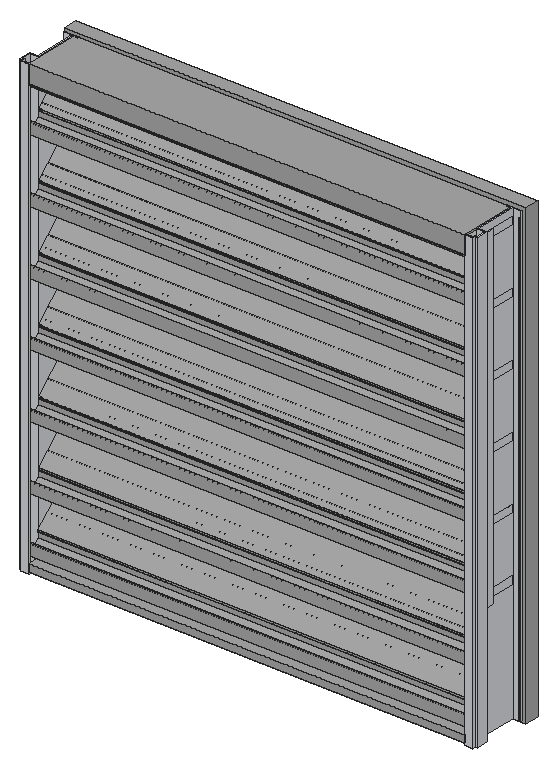
Revit family
Parameters
  Weight = "8 lb/sq.ft."  # constant formula
  Warranty = "All materials and workmanship are warranted for a period of 1 year from date of completion."  # constant formula
  URL = "http://www.industriallouvers.com"
  Surface Finish = "Aluminum, Anodized, or Kynar finish"  # constant formula
  Support Material = Aluminum
  Subcategory = "Adjustable and Combo"  # constant formula
  Static Pressure Loss = ".15\" of water gage @ an air flow of 1039.2 FPM free area velocity"
  Specifications  URL = "http://www.industriallouvers.com/downloads/Adjustable%20&%20Combo/667-71_SD.doc"
  Screen Width [instance] = Louver Width - 0' 0 1/2"  # 3' - 11 1/2"
  Screen Material = Screen Material
  Screen Height [instance] = Louver Height - 0' 0 1/2"  # 3' - 11 1/2"
  SMARTBIM URL = "http://www.SMARTBIM.com"
  SMARTBIM Object Version = 3  # constant formula
  SMARTBIM Object Created By = "SMARTBIM, LLC"  # constant formula
  SMARTBIM Contact = "mailto:SMARTBIM@SMARTBIM.com"
  Product Submittal URL = "http://www.industriallouvers.com/downloads/Adjustable%20&%20Combo/667-71_PS.pdf"
  Product Page URL = "http://www.industriallouvers.com/lv_ac.php"
  Number of Blades [instance] = (Louver Height - 0' 8 5/8") / 0' 6"  # 7
  Model = "667/71"  # constant formula
  Minimum Height = 2' - 0"  # constant formula
  Maximum Water Penetration = ".01 oz at an air flow of >1250 FPM"  # constant formula
  Maximum Size - Single Section [instance] = "Not to exceed 60\" x 120\" or 300 lbs"
  Material = "Aluminum"  # constant formula
  Manufacturer Toll Free Phone = "1-800-328-3421"  # constant formula
  Manufacturer Phone = "763-972-2981"  # constant formula
  Manufacturer Fax = "763-972-2911"  # constant formula
  Manufacturer Email = "mailto:ilinfo@industriallouvers.com"
  Manufacturer Address = "511 S. 7th Street, Delano, MN 55328"  # constant formula
  Manufacturer = "Industrial Louvers, Inc."  # constant formula
  Maintenance = "http://www.industriallouvers.com/prod-forms/Maintenance%20Instructions.pdf"
  Louver Width [instance] = 4' - 0"
  Louver Height [instance] = 4' - 0"
  Installation URL = "http://www.industriallouvers.com/downloads/Adjustable%20&%20Combo/667-71_II.pdf"
  Height [instance] = if(Louver Height < 1' 6", 1' 6", Louver Height + 0' 0 1/8")  # 4' - 0 1/8"
  Free Area for 48”x48” Louver = "44.6%"  # constant formula
  Free Area (ft²) for 48" x 48" Louver = "7.14"  # constant formula
  Frame Material = Aluminum
  Fill Material = Product Filling
  Description = "Adjustable and Combo"  # constant formula
  Depth = 0' - 6"  # constant formula
  Default Elevation = 4' - 0"
  Cost Info = "Contact Factory"  # constant formula
  CAD Drawings = "http://www.industriallouvers.com/downloads/Adjustable%20&%20Combo/667-71_ACD.dwg"
  Blade Width [instance] = Louver Width - 0' 1 3/32" * 2 - 0' 0 1/8"  # 3' - 9 11/16"
  Blade Start Height [instance] = 0' 1" + (((Louver Height - Blade Region Height) / 2) / 2) - 0' 0 5/64"  # 0' - 5 27/64"
  Blade Region Height [instance] = (Blade Count) * 0' 6" - 0' 6"  # 2' - 6"
  Blade Material = Aluminum
  Blade Count [instance] = if(((Louver Height - 0' 5 1/2") / 0' 5") < 2, 2, ((Louver Height - 0' 8 5/8") / 0' 6")) - 1  # 6
  Assembly Code = "B2010300"
  95 CSI = "10200"  # constant formula
  04 CSI = "08 91 00"  # constant formula
Reference planes (in)
  plane 1 "Center (Front/Back)": y = -1
  plane 2: z = 0
  plane 3 "Center (Left/Right)": x = 0
  plane 4: x = -24.2
  plane 5 "Back of Blade": y = 2
  plane 6: z = 7.7968
  plane 7: z = 47.55027
  plane 8: z = 48.47554
  plane 9 "Back of Screen": y = 2.345
  plane 10: y = 2.47
  plane 11: y = 3.845
  plane 12 "Front of Louver": y = -2
  plane 13: z = 24.30027
  plane 14: x = -22.906
  plane 15: y = -4
  plane 16: z = 24.30027
  plane 17: z = 0.25
  plane 18: z = 45.01902
  plane 19: z = 47.55027
  plane 20: x = -24
  plane 21: z = 0.30027
  plane 22: z = 48.30027
  plane 23: x = 24.2
  plane 24: x = 22.906
  plane 25: x = 24
Forms (in)
  Extrusion 1, solid, material "Aluminum" <- "Blade Material"
    sketch origin (0, -24.00003, 0.33429) x (0, 1, 0) y (0, 0, 1)
      loop
        line (20.00003, 47.96598) -> (20.00003, 46.03593)
        arc (20.00003, 46.03593) -> (20.01409, 45.97253) -> (20.05361, 45.92102) r 0.15
        line (20.05361, 45.92102) -> (20.38305, 45.64459) -> (20.4634, 45.74034) -> (20.14718, 46.00568)
        arc (20.14718, 46.00568) -> (20.13084, 46.02698) -> (20.12503, 46.05318) r 0.062
        line (20.12503, 46.05318) -> (20.12503, 47.84098) -> (25.87503, 47.84098) -> (25.87503, 45.15298) -> (26.00003, 45.15298) -> (26.00003, 47.96598) -> (20.00003, 47.96598)
      loop
        line (25.95303, 0.09098) -> (25.57803, 0.09098) -> (25.57803, -0.03402) -> (26.07803, -0.03402) -> (26.07803, 1.96598) -> (26.00003, 1.96598) -> (26.00003, 0.96598) -> (24.29403, 0.96598) -> (24.29403, 6.03943) -> (25.01503, 6.76043) -> (25.01503, 7.38543) -> (25.12676, 7.49716)
        arc (25.12676, 7.49716) -> (25.20129, 7.72653) -> (25.42235, 7.82296) r 0.294
        line (25.42235, 7.82296) -> (25.91903, 7.86641) -> (25.91903, 7.94772) -> (25.41903, 7.90398)
        arc (25.41903, 7.90398) -> (25.14872, 7.7889) -> (25.04432, 7.51429) r 0.375
        line (25.04432, 7.51429) -> (24.54543, 7.076) -> (24.66815, 7.076) -> (24.84006, 7.22703) -> (24.84006, 6.81766) -> (21.18606, 3.60755) -> (21.18606, 3.45543) -> (21.29306, 3.33363) -> (21.29306, 2.78482) -> (20.20506, 1.82898) -> (20.20506, 2.70445) -> (20.31106, 2.59845) -> (20.31106, 2.71301) -> (20.12406, 2.90001) -> (20.12406, 1.65001) -> (21.37406, 2.74816) -> (21.37406, 3.36416) -> (21.26706, 3.48595) -> (21.26706, 3.57089) -> (22.51251, 4.66504) -> (22.59501, 4.57113) -> (22.65586, 4.62459) -> (22.57336, 4.7185) -> (24.92106, 6.78101) -> (24.02503, 5.88498) -> (24.21303, 5.88498) -> (24.21303, 0.96598) -> (20.00003, 0.96598) -> (20.00003, 0.21598) -> (20.25003, 0.21598) -> (20.25003, -0.03402) -> (20.75003, -0.03402) -> (20.75003, 0.02798) -> (20.37503, 0.02798) -> (20.37503, 0.34098) -> (20.12503, 0.34098) -> (20.12503, 0.84098) -> (25.95303, 0.84098) -> (25.95303, 0.09098)
    from -22.906 to 22.906
  Sweep 2, solid, material "Aluminum" <- "Support Material"
    path origin (0, -1, 0) x (1, 0, 0) y (0, 0, 1)
      loop
        line (-24.2, 48.47554) -> (-24.2, 0) -> (24.2, 0) -> (24.2, 48.47554) -> (-24.2, 48.47554)
    profile origin (0, -1, 48.47554) x (0, 0, 1) y (0, -1, 0)
      loop
        line (-1.5, -3.345) -> (-1.5, -3.47) -> (-0.125, -3.47) -> (-0.125, -4.845) -> (0, -4.845) -> (0, -3.345) -> (-1.5, -3.345)
  Extrusion 3, solid
    sketch origin (10, -22.75594, 29.61826) x (-1, 0, 0) y (0, -1, 0)
      loop
        line (34, -24.75594) -> (34, -24.67794) -> (33.125, -24.67794) -> (33.125, -20.25594) -> (34, -20.25594) -> (34, -19.00594) -> (33.75, -19.00594) -> (33.75, -18.75594) -> (32.906, -18.75594) -> (32.906, -18.88094) -> (33.625, -18.88094) -> (33.625, -19.13094) -> (33.875, -19.13094) -> (33.875, -20.13094) -> (33, -20.13094) -> (33, -24.67794) -> (32.5, -24.67794) -> (32.5, -24.75594) -> (34, -24.75594)
      loop
        line (-14, -24.75594) -> (-12.5, -24.75594) -> (-12.5, -24.67794) -> (-13, -24.67794) -> (-13, -20.13094) -> (-13.875, -20.13094) -> (-13.875, -19.13094) -> (-13.625, -19.13094) -> (-13.625, -18.88094) -> (-12.906, -18.88094) -> (-12.906, -18.75594) -> (-13.75, -18.75594) -> (-13.75, -19.00594) -> (-14, -19.00594) -> (-14, -20.25594) -> (-13.125, -20.25594) -> (-13.125, -24.67794) -> (-14, -24.67794) -> (-14, -24.75594)
    from -29.31799 to 18.68201
  Extrusion 4, solid
    sketch origin (23.16004, -1.50006, 48.90507) x (0, 0, -1) y (0, 1, 0)
      loop
        line (1.3548, 0.70156) -> (1.3548, 0) -> (36.60828, 0) -> (36.60828, 0.70156) -> (1.3548, 0.70156)
    from 0 to 0.125
Dimensions and locks (in)
  locked: plane 6 to level at 7.7968
  locked: plane 11 to plane 9 "Back of Screen" at 1.5
  locked: plane 10 to plane 9 "Back of Screen" at 0.125
  locked: plane 9 "Back of Screen" to plane 5 "Back of Blade" at 0.345
  equal spacing: plane 5 "Back of Blade", plane 1 "Center (Front/Back)", plane 15
  plane 5 "Back of Blade" to plane 15 = 0' - 6"
  plane 4 to plane 14 = 0' - 1.294"
  locked: plane 17 to level at 0.25
  locked: plane 7 to plane 18 at 2.53125
  equal spacing: group 1, group 3, group 4, group 5, group 6, group 2  (x3)
  nested 4 to plane 6 = 0' - 6.76053"
  locked: plane 8 to plane 19 at 0.92527
  locked: plane 4 to plane 20 at 0.2
  locked: plane 22 to plane 8 at 0.17527
  plane 21 to plane 6 = 0' - 7.49653"
  "Louver Height": plane 21 to plane 22
  equal spacing: plane 21, plane 16, plane 22
  plane 23 to plane 24 = 0' - 1.294"
  locked: plane 23 to plane 25 at 0.2
  equal spacing: plane 20, plane 3 "Center (Left/Right)", plane 25
  "Louver Width": plane 20 to plane 25
  Extrusion 3 sketch curve to Extrusion 3 sketch curve to Extrusion 3 sketch curve to Extrusion 3 sketch curve to Extrusion 3 sketch curve to Extrusion 3 sketch curve to plane 25 = 0' - 0 1/2" locked, 0' - 0 1/8" locked, 0' - 0 1/2" locked, 0' - 0 1/8" locked, 0' - 0 1/8" locked, 0' - 0 1/8" locked
  plane 20 to Extrusion 3 sketch curve to Extrusion 3 sketch curve to Extrusion 3 sketch curve to Extrusion 3 sketch curve to Extrusion 3 sketch curve to Extrusion 3 sketch curve = 0' - 0 1/8" locked, 0' - 0 1/8" locked, 0' - 0 1/8" locked, 0' - 0 1/2" locked, 0' - 0 1/8" locked, 0' - 0 1/2" locked
  aligned and locked: Sweep 2 sketch curve to plane 8
  aligned and locked: Sweep 2 sketch curve to level
  aligned and locked: Sweep 2 sketch curve to plane 4
  aligned and locked: Sweep 2 to plane 9 "Back of Screen"
  aligned and locked: nested 1 to plane 9 "Back of Screen"
  aligned and locked: nested 1 to plane 5 "Back of Blade"
  aligned and locked: plane 3 "Center (Left/Right)" to nested 1
  aligned and locked: plane 16 to plane 13
  aligned and locked: plane 17 to nested 1
  aligned and locked: plane 3 "Center (Left/Right)" to nested 2
  aligned and locked: plane 6 to nested 2
  aligned and locked: nested 2 to plane 5 "Back of Blade"
  aligned and locked: nested 3 to plane 5 "Back of Blade"
  aligned and locked: Extrusion 1 to plane 14
  aligned and locked: Extrusion 1 to plane 24
  aligned and locked: plane 23 to Sweep 2 sketch curve
  aligned and locked: Extrusion 3 to plane 22
  aligned and locked: Extrusion 3 sketch curve to plane 25  (x2)
  aligned and locked: Extrusion 3 sketch curve to plane 24
  aligned and locked: plane 20 to Extrusion 3 sketch curve  (x2)
  aligned and locked: plane 14 to Extrusion 3 sketch curve
  aligned and locked: nested 3 to Extrusion 4 sketch curve
  aligned and locked: nested 2 to Extrusion 4 sketch curve
  aligned and locked: plane 7 to nested 3
  aligned and locked: plane 7 to plane 19
Automatic sketch dimensions
  profile plane to Sweep 2 sketch curve = 0' - 0"
  Sweep 2 sketch curve to Sweep 2 sketch curve = 0' - 0 1/8"  (x2)
  Sweep 2 sketch curve to Sweep 2 sketch curve = 0' - 1 3/8"  (x2)
  Sweep 2 sketch curve to plane 1 "Center (Front/Back)" = 0' - 4.845"
  Extrusion 1 sketch curve to plane 15 = 0' - 0"  (x2)
  Extrusion 1 sketch curve to plane 5 "Back of Blade" = 0' - 0"  (x2)
  plane 22 to Extrusion 1 sketch curve = 0' - 0"
  Extrusion 1 sketch curve to plane 15 = 0' - 0.05358"
  Extrusion 1 sketch curve to plane 15 = 0' - 0 1/8"  (x2)
  Extrusion 1 sketch curve to Extrusion 1 sketch curve = 0' - 0.02215"
  Extrusion 1 sketch curve to Extrusion 1 sketch curve = 0' - 0.00285"
  Extrusion 1 sketch curve to Extrusion 1 sketch curve = 0' - 0.037"
  Extrusion 1 sketch curve to plane 15 = 0' - 0.38302"
  Extrusion 1 sketch curve to Extrusion 1 sketch curve = 0' - 0.08035"
  Extrusion 1 sketch curve to plane 5 "Back of Blade" = 0' - 0 1/8"
  Extrusion 1 sketch curve to plane 19 = 0' - 2.063"
  Extrusion 1 sketch curve to Extrusion 1 sketch curve = 0' - 2.32139"
  Extrusion 1 sketch curve to Extrusion 1 sketch curve = 0' - 0.09576"
  plane 22 to Extrusion 1 sketch curve = 0' - 0 1/8"
  Extrusion 1 sketch curve to plane 5 "Back of Blade" = 0' - 0.047"
  level to Extrusion 1 sketch curve = 0' - 1.17527"
  Extrusion 1 sketch curve to Extrusion 1 sketch curve = 0' - 0 3/4"
  Extrusion 1 sketch curve to Extrusion 1 sketch curve = 0' - 0 3/8"
  Extrusion 1 sketch curve to Extrusion 1 sketch curve = 0' - 0 1/8"  (x5)
  plane 5 "Back of Blade" to Extrusion 1 sketch curve = 0' - 0.078"
  Extrusion 1 sketch curve to Extrusion 1 sketch curve = 0' - 1 1/8"
  Extrusion 1 sketch curve to plane 15 = 0' - 0 1/4"
  Extrusion 1 sketch curve to Extrusion 1 sketch curve = 0' - 0 5/8"
  Extrusion 1 sketch curve to Extrusion 1 sketch curve = 0' - 0 1/4"
  Extrusion 1 sketch curve to Extrusion 1 sketch curve = 0' - 0 1/2"
  Extrusion 1 sketch curve to Extrusion 1 sketch curve = 0' - 0.062"
  Extrusion 1 sketch curve to plane 1 "Center (Front/Back)" = 0' - 1.294"
  Extrusion 1 sketch curve to Extrusion 1 sketch curve = 0' - 0.081"  (x5)
  Extrusion 1 sketch curve to Extrusion 1 sketch curve = 0' - 0.15445"
  Extrusion 1 sketch curve to Extrusion 1 sketch curve = 0' - 0.188"
  Extrusion 1 sketch curve to plane 21 = 0' - 5.919"
  Extrusion 1 sketch curve to Extrusion 1 sketch curve = 0' - 0.11173"
  Extrusion 1 sketch curve to Extrusion 1 sketch curve = 0' - 0.29227"
  Extrusion 1 sketch curve to Extrusion 1 sketch curve = 0' - 0.00332"
  Extrusion 1 sketch curve to Extrusion 1 sketch curve = 0' - 0.03182"
  Extrusion 1 sketch curve to Extrusion 1 sketch curve = 0' - 0.04345"
  Extrusion 1 sketch curve to Extrusion 1 sketch curve = 0' - 0"  (x2)
  Extrusion 1 sketch curve to Extrusion 1 sketch curve = 0' - 0.08244"
  Extrusion 1 sketch curve to plane 5 "Back of Blade" = 0' - 0.081"
  Extrusion 1 sketch curve to Extrusion 1 sketch curve = 0' - 0.08131"
  Extrusion 1 sketch curve to Extrusion 1 sketch curve = 0' - 0.37563"
  Extrusion 1 sketch curve to Extrusion 1 sketch curve = 0' - 0.12273"
  Extrusion 1 sketch curve to Extrusion 1 sketch curve = 0' - 0.295"
  plane 1 "Center (Front/Back)" to Extrusion 1 sketch curve = 0' - 0.42667"
  Extrusion 1 sketch curve to Extrusion 1 sketch curve = 0' - 0.20426"
  level to Extrusion 1 sketch curve = 0' - 5.05279"
  Extrusion 1 sketch curve to Extrusion 1 sketch curve = 0' - 0.03666"  (x3)
  Extrusion 1 sketch curve to Extrusion 1 sketch curve = 0' - 0.28727"
  Extrusion 1 sketch curve to Extrusion 1 sketch curve = 0' - 0.0825"
  Extrusion 1 sketch curve to Extrusion 1 sketch curve = 0' - 0.06085"  (x2)
  level to Extrusion 1 sketch curve = 0' - 4.90542"
  plane 12 "Front of Louver" to Extrusion 1 sketch curve = 0' - 0.73297"
  Extrusion 1 sketch curve to Extrusion 1 sketch curve = 0' - 0.08494"
  Extrusion 1 sketch curve to Extrusion 1 sketch curve = 0' - 0.107"
  Extrusion 1 sketch curve to Extrusion 1 sketch curve = 0' - 0.1218"
  Extrusion 1 sketch curve to Extrusion 1 sketch curve = 0' - 0.616"
  Extrusion 1 sketch curve to plane 15 = 0' - 0.12403"
  Extrusion 1 sketch curve to Extrusion 1 sketch curve = 0' - 0.68403"
  Extrusion 1 sketch curve to Extrusion 1 sketch curve = 0' - 0.17898"
  Extrusion 1 sketch curve to Extrusion 1 sketch curve = 0' - 0.88402"
  Extrusion 1 sketch curve to Extrusion 1 sketch curve = 0' - 0.187"
  Extrusion 1 sketch curve to Extrusion 1 sketch curve = 0' - 0.11455"
  Extrusion 1 sketch curve to Extrusion 1 sketch curve = 0' - 0.106"
  Extrusion 1 sketch curve to Extrusion 1 sketch curve = 0' - 0.00855"
  Extrusion 1 sketch curve to Extrusion 1 sketch curve = 0' - 0.03053"  (x2)
  Extrusion 1 sketch curve to Extrusion 1 sketch curve = 0' - 0.25139"
  Extrusion 1 sketch curve to Extrusion 1 sketch curve = 0' - 0.02058"
  Extrusion 1 sketch curve to Extrusion 1 sketch curve = 0' - 0.02929"
  Extrusion 1 sketch curve to Extrusion 1 sketch curve = 0' - 0.15102"
  Extrusion 1 sketch curve to Extrusion 1 sketch curve = 0' - 0.12887"
  Extrusion 3 sketch curve to plane 5 "Back of Blade" = 0' - 0"  (x2)
  plane 15 to Extrusion 3 sketch curve = 0' - 0"  (x2)
  Extrusion 3 sketch curve to plane 15 = 0' - 0 1/8"  (x2)
  Extrusion 3 sketch curve to plane 5 "Back of Blade" = 0' - 0.078"  (x4)
  plane 12 "Front of Louver" to Extrusion 3 sketch curve = 0' - 0 5/8"
  Extrusion 3 sketch curve to Extrusion 3 sketch curve = 0' - 0 1/8"  (x4)
  plane 12 "Front of Louver" to Extrusion 3 sketch curve = 0' - 0 1/2"
  Extrusion 3 sketch curve to Extrusion 3 sketch curve = 0' - 0 1/4"  (x2)
  nested 3 to Extrusion 4 sketch curve = 0' - 0"
  Extrusion 4 sketch curve to nested 3 = 0' - 0.70156"
Nested families (in)
  nested 1: "Louver Screen" at (18, 2, 0.25), Height <- "Screen Height", Width <- "Screen Width", type "Louver Screen"
    with Width 3' - 11 1/2", Height 3' - 11 1/2", Depth 0' - 0.345"
  nested 2: "Louver-Blade_667-71_IndustrialLouver" at (0, 2, 7.7968), type "Louver-Blade_667-71_IndustrialLouver"
    with Width 3' - 9 11/16"
  nested 3: "Louver-Blade_667-71_IndustrialLouver" at (0, 2, 41.59944), type "Louver-Blade_667-71_IndustrialLouver"
    with Width 3' - 9 11/16"
  nested 4: "Louver-Blade_667-71_IndustrialLouver" at (0, 2, 14.55732), type "Louver-Blade_667-71_IndustrialLouver"
    with Width 3' - 9 11/16"
  nested 5: "Louver-Blade_667-71_IndustrialLouver" at (0, 2, 21.31785), type "Louver-Blade_667-71_IndustrialLouver"
    with Width 3' - 9 11/16"
  nested 6: "Louver-Blade_667-71_IndustrialLouver" at (0, 2, 28.07838), type "Louver-Blade_667-71_IndustrialLouver"
    with Width 3' - 9 11/16"
  nested 7: "Louver-Blade_667-71_IndustrialLouver" at (0, 2, 34.83891), type "Louver-Blade_667-71_IndustrialLouver"
    with Width 3' - 9 11/16"
Connectors (in)
  hvac at (0, 2.47, 24.23777), driven by "Louver Height", driven by "Louver Height"
    settings: on Sweep 2, index 1, duct flow 0 CFM, flow factor 0, pres drop 0.00 in-wg, loss coef 0, conn angle 0.00°, conn width 48", conn height 48", conn radius 12", duct sys type 1, conn prof type 1, flow config 0, flow direction 0, loss method 0, conn ref index -1, conn util no, is conn primary yes, conn desc ""
Definition of nested family "Louver Screen"
  Parameters (values of type "Louver Screen")
    Width [instance] = 5' - 0"
    Screen Frame = Aluminum
    Screen = Screen Material
    Height [instance] = 2' - 0"
    Depth [instance] = 0' - 0 115/256"
  Reference planes (in)
    plane 1 "Front": y = 0
    plane 2: z = 0
    plane 3 "Center (Left/Right)": x = -18
    plane 4: x = -48
    plane 5: x = 12
    plane 6: z = 24
    plane 7: x = -47.25
    plane 8: x = 11.25
    plane 9: z = 23.25
    plane 10: z = 0.75
    plane 11 "Back": y = 0.44922
    plane 12 "Center (Front/Back)": y = 0.22461
    plane 13: y = 0.19336
    plane 14: y = 0.25586
  Forms (in)
    Sweep 1, solid, material "Aluminum" <- "Screen Frame"
      path origin (0, 0, 0) x (1, 0, 0) y (0, 0, 1)
        loop
          line (-48, 24) -> (-48, 0) -> (12, 0) -> (12, 24) -> (-48, 24)
      profile origin (-18, 0, 24) x (0, 0, 1) y (0, -1, 0)
        loop
          line (0, 0) -> (-0.75, 0) -> (-0.75, -0.44922) -> (0, -0.44922) -> (0, 0)
    Extrusion 2, solid, material "Screen Material" <- "Screen"
      sketch origin (0, 0, 0) x (1, 0, 0) y (0, 0, 1)
        loop
          line (-47.25, 0.75) -> (11.25, 0.75) -> (11.25, 23.25) -> (-47.25, 23.25) -> (-47.25, 0.75)
      from -0.19336 to -0.25586
  Dimensions and locks (in)
    equal spacing: plane 4, plane 3 "Center (Left/Right)", plane 5
    "Width": plane 4 to plane 5
    "Height": plane 6 to level
    locked: Sweep 1 sketch curve to Sweep 1 sketch curve at 0.75
    locked: plane 6 to plane 9 at 0.75
    locked: plane 4 to plane 7 at 0.75
    locked: plane 5 to plane 8 at 0.75
    locked: plane 10 to level at 0.75
    "Depth": plane 1 "Front" to plane 11 "Back"
    equal spacing: plane 1 "Front", plane 12 "Center (Front/Back)", plane 11 "Back"
    plane 14 to plane 12 "Center (Front/Back)" to plane 13 = 0' - 0 1/32" locked, 0' - 0 1/32" locked
    aligned and locked: Sweep 1 sketch curve to plane 6
    aligned and locked: Sweep 1 sketch curve to plane 4
    aligned and locked: Sweep 1 sketch curve to level
    aligned and locked: Sweep 1 sketch curve to plane 5
    aligned and locked: Extrusion 2 sketch curve to plane 7
    aligned and locked: Extrusion 2 sketch curve to plane 9
    aligned and locked: Extrusion 2 sketch curve to plane 10
    aligned and locked: Extrusion 2 sketch curve to plane 8
    aligned and locked: plane 11 "Back" to Sweep 1
    aligned and locked: plane 1 "Front" to Sweep 1 sketch curve
    aligned and locked: plane 11 "Back" to Sweep 1 sketch curve
    aligned and locked: plane 14 to Extrusion 2
    aligned and locked: Extrusion 2 to plane 13
  Automatic sketch dimensions
    profile plane to Sweep 1 sketch curve = 0' - 0"
Definition of nested family "Louver-Blade_667-71_IndustrialLouver"
  Parameters (values of type "Louver-Blade_880A_IndustrialLouver")
    Width = 3' - 10 1/2"
    Fill Material = Product Filling
    Blade Material = Aluminum
    Assembly Code = ""
  Reference planes (in)
    plane 1 "Center (Front/Back)": y = 0
    plane 2: z = 0
    plane 3 "Center (Left/Right)": x = 0
    plane 4: x = -23.25
    plane 5: x = 23.25
    plane 6: z = 9
    plane 7: z = 4.5
    plane 8: x = 23.44129
    plane 9: x = 23.56629
  Forms (in)
    Extrusion 1, solid, material "Aluminum" <- "Blade Material"
      sketch origin (0, 0, 0.11613) x (0, 1, 0) y (0, 0, 1)
        loop
          arc (-0.37287, 5.22385) -> (-0.49071, 5.85761) -> (-0.9913, 5.45147) r 0.375
          arc (-0.9913, 5.45147) -> (-0.92099, 5.39909) -> (-0.86761, 5.46954) r 0.062
          arc (-0.86761, 5.46954) -> (-0.87003, 5.49539) -> (-0.86975, 5.52134) r 0.25
          line (-0.86975, 5.52134) -> (-0.6359, 5.7552)
          arc (-0.6359, 5.7552) -> (-0.38634, 5.59396) -> (-0.46715, 5.30805) r 0.25
          line (-0.46715, 5.30805) -> (-0.79719, 5.32909)
          arc (-0.79719, 5.32909) -> (-0.81455, 5.34839) -> (-0.83065, 5.36884) r 0.25
          arc (-0.83065, 5.36884) -> (-0.91643, 5.38701) -> (-0.9346, 5.30123) r 0.062
          arc (-0.9346, 5.30123) -> (-0.8184, 5.18732) -> (-0.66488, 5.13335) r 0.375
          line (-0.66488, 5.13335) -> (-3.6161, 2.53586) -> (-3.65772, 2.58315) -> (-3.83414, 2.5944) -> (-3.48753, 2.8989) -> (-3.40503, 2.805) -> (-3.34417, 2.85846) -> (-3.42667, 2.95236) -> (-1.07897, 5.01487) -> (-1.07897, 5.63987) -> (-1.45461, 5.30987) -> (-1.33188, 5.30987) -> (-1.15997, 5.46089) -> (-1.15997, 5.05153) -> (-4.81397, 1.84141) -> (-4.81397, 1.68929) -> (-4.70697, 1.5675) -> (-4.70697, 1.01868) -> (-5.79497, 0.06285) -> (-5.79497, 0.93832) -> (-5.68897, 0.83232) -> (-5.68897, 0.94687) -> (-5.87597, 1.13387) -> (-5.87597, -0.11613) -> (-4.625, 0.98288) -> (-4.625, 1.59691) -> (-4.73297, 1.71982) -> (-4.73297, 1.80475) -> (-4.71448, 1.77801) -> (-4.28271, 2.15699) -> (-4.09871, 1.94735) -> (-0.36977, 5.22032)
      from -23.25 to 23.25
    Extrusion 2, solid
      sketch origin (0, 0, 0) x (0, 1, 0) y (0, 0, 1)
        loop
          line (-0.24505, 5.95083) -> (-3.50006, 5.95083) -> (-3.50006, 5.17529) -> (-0.2455, 5.17529) -> (-0.24505, 5.95083)
        loop
          circle (-3.16638, 5.55083) r 0.07076
      from 23.44129 to 23.56629
  Dimensions and locks (in)
    equal spacing: plane 4, plane 3 "Center (Left/Right)", plane 5
    "Width": plane 4 to plane 5
    equal spacing: plane 6, plane 7, level
    plane 6 to level = 0' - 9"
    plane 5 to plane 8 to plane 9 = 0' - 0.19129" locked, 0' - 0 1/8" locked
    aligned and locked: Extrusion 1 to plane 4
    aligned and locked: plane 5 to Extrusion 1
    aligned and locked: Extrusion 2 to plane 9
    aligned and locked: Extrusion 2 to plane 8
  Automatic sketch dimensions
    Extrusion 1 sketch curve to Extrusion 1 sketch curve = 0' - 0"  (x10)
    Extrusion 1 sketch curve to level = 0' - 0"
    level to Extrusion 1 sketch curve = 0' - 1 1/4"
    Extrusion 1 sketch curve to Extrusion 1 sketch curve = 0' - 0.081"  (x2)
    level to Extrusion 1 sketch curve = 0' - 0.94845"
    Extrusion 1 sketch curve to Extrusion 1 sketch curve = 0' - 0.106"  (x2)
    Extrusion 1 sketch curve to Extrusion 1 sketch curve = 0' - 0 7/8"
    level to Extrusion 1 sketch curve = 0' - 1 107/128"
    level to Extrusion 1 sketch curve = 0' - 1.89414"
    Extrusion 1 sketch curve to Extrusion 1 sketch curve = 0' - 0.01849"
    level to Extrusion 1 sketch curve = 0' - 1.13481"
    Extrusion 1 sketch curve to Extrusion 1 sketch curve = 0' - 0.107"
    level to Extrusion 1 sketch curve = 0' - 1.09901"
    Extrusion 1 sketch curve to Extrusion 1 sketch curve = 0' - 0.08197"
    Extrusion 1 sketch curve to Extrusion 1 sketch curve = 0' - 0.45026"
    level to Extrusion 1 sketch curve = 0' - 2.06348"
    Extrusion 1 sketch curve to Extrusion 1 sketch curve = 0' - 0.184"
    Extrusion 1 sketch curve to plane 7 = 0' - 1.78947"
    Extrusion 1 sketch curve to Extrusion 1 sketch curve = 0' - 0.44857"
    Extrusion 1 sketch curve to plane 7 = 0' - 1.80072"
    Extrusion 1 sketch curve to Extrusion 1 sketch curve = 0' - 0.17642"
    Extrusion 1 sketch curve to Extrusion 1 sketch curve = 0' - 3.28795"
    Extrusion 1 sketch curve to plane 7 = 0' - 1.84801"
    Extrusion 1 sketch curve to Extrusion 1 sketch curve = 0' - 0.04162"
    Extrusion 1 sketch curve to plane 7 = 0' - 1.48497"
    Extrusion 1 sketch curve to Extrusion 1 sketch curve = 0' - 0.17019"
    Extrusion 1 sketch curve to plane 7 = 0' - 1.43151"
    Extrusion 1 sketch curve to Extrusion 1 sketch curve = 0' - 0.06085"
    Extrusion 1 sketch curve to plane 7 = 0' - 1.57887"
    plane 1 "Center (Front/Back)" to Extrusion 1 sketch curve = 0' - 1.45461"
    Extrusion 1 sketch curve to Extrusion 1 sketch curve = 0' - 0.12273"
    Extrusion 1 sketch curve to Extrusion 1 sketch curve = 0' - 0.17191"
    plane 7 to Extrusion 1 sketch curve = 0' - 0.631"
    Extrusion 1 sketch curve to Extrusion 1 sketch curve = 0' - 0.16867"
    Extrusion 1 sketch curve to Extrusion 1 sketch curve = 0' - 0.0567"
    Extrusion 1 sketch curve to Extrusion 1 sketch curve = 0' - 0.06135"
    Extrusion 1 sketch curve to Extrusion 1 sketch curve = 0' - 0.05197"  (x2)
    Extrusion 1 sketch curve to Extrusion 1 sketch curve = 0' - 0.0602"
    Extrusion 1 sketch curve to Extrusion 1 sketch curve = 0' - 0.00115"
    Extrusion 1 sketch curve to Extrusion 1 sketch curve = 0' - 0.00099"
    Extrusion 1 sketch curve to Extrusion 1 sketch curve = 0' - 0.00084"
    Extrusion 1 sketch curve to Extrusion 1 sketch curve = 0' - 0.21774"
    Extrusion 1 sketch curve to Extrusion 1 sketch curve = 0' - 0.03262"
    plane 7 to Extrusion 1 sketch curve = 0' - 0.74948"
    Extrusion 1 sketch curve to Extrusion 1 sketch curve = 0' - 0.23385"
    Extrusion 1 sketch curve to Extrusion 1 sketch curve = 0' - 0.01566"
    Extrusion 1 sketch curve to Extrusion 1 sketch curve = 0' - 0.1531"
    Extrusion 1 sketch curve to Extrusion 1 sketch curve = 0' - 0.09428"
    level to Extrusion 1 sketch curve = 0' - 0.17898"
    Extrusion 1 sketch curve to Extrusion 1 sketch curve = 0' - 0.00855"
    Extrusion 1 sketch curve to Extrusion 1 sketch curve = 0' - 0.15232"
    Extrusion 1 sketch curve to Extrusion 1 sketch curve = 0' - 0.02942"
    Extrusion 1 sketch curve to Extrusion 1 sketch curve = 0' - 0.03053"
    Extrusion 1 sketch curve to Extrusion 1 sketch curve = 0' - 0.03666"  (x2)
    Extrusion 1 sketch curve to Extrusion 1 sketch curve = 0' - 0.20963"
    Extrusion 1 sketch curve to Extrusion 1 sketch curve = 0' - 0.0905"
    Extrusion 1 sketch curve to Extrusion 1 sketch curve = 0' - 0.16788"
    Extrusion 1 sketch curve to Extrusion 1 sketch curve = 0' - 0.0842"
    Extrusion 1 sketch curve to Extrusion 1 sketch curve = 0' - 0.25834"
    Extrusion 1 sketch curve to Extrusion 1 sketch curve = 0' - 0.03975"
    Extrusion 1 sketch curve to Extrusion 1 sketch curve = 0' - 0.00942"
    Extrusion 1 sketch curve to Extrusion 1 sketch curve = 0' - 0.00014"
    Extrusion 1 sketch curve to Extrusion 1 sketch curve = 0' - 0.17898"
    Extrusion 1 sketch curve to Extrusion 1 sketch curve = 0' - 0.02674"
    plane 1 "Center (Front/Back)" to Extrusion 2 sketch curve = 0' - 3.50006"
    plane 1 "Center (Front/Back)" to Extrusion 2 sketch curve = 0' - 0.2455"
    plane 1 "Center (Front/Back)" to Extrusion 2 sketch curve = 0' - 0.24505"
    plane 7 to Extrusion 2 sketch curve = 0' - 0.67529"
    Extrusion 2 sketch curve to Extrusion 2 sketch curve = 0' - 0.33368"
    Extrusion 2 sketch curve to Extrusion 2 sketch curve = 0' - 0.37554"
    Extrusion 2 sketch curve to Extrusion 2 sketch curve = 0' - 0.77554"
    radius of Extrusion 2 sketch curve = 0' - 0.07076"
